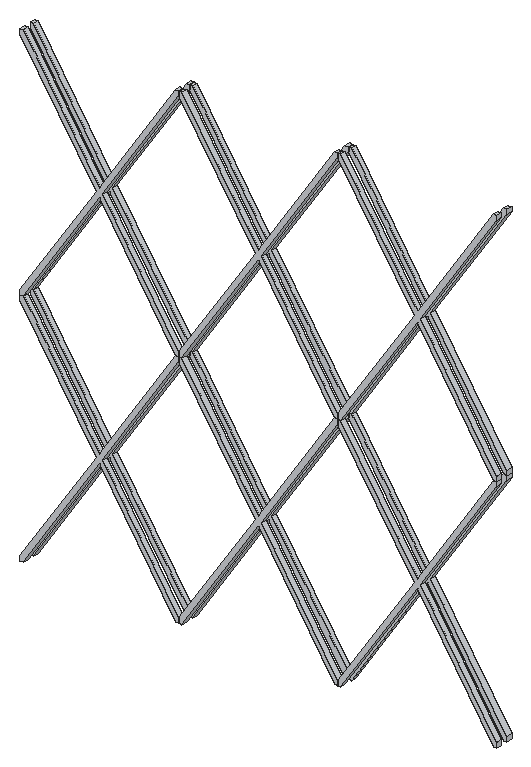
Revit family "M_Padrão do montante_diamante_2x3", category Modelos genéricos, Revit 2019
Family settings
  Pode hospedar o vergalhão = Não
  Cota do conector redondo = Utilizar diâmetro
  Tipo de parte = Normal
  Com base no plano de trabalho = Não
  Sempre na vertical = Sim
  Corte com vazios quando carregada = Não
  Compartilhado = Sim
  Ponto de cálculo do ambiente = Não
Parameters
  Largura [instance] = 1200 mm
  Espessura = 12.7 mm
  Altura [instance] = 1200 mm
  Material interior [instance] = none
  Material externo [instance] = none
  Distância = 19.05 mm
Reference planes
  plane 1 "Centro (Frente/Trás)": y = 0
  plane 2: z = 0
  plane 3 "Centro (Esquerda/Direita)": x = 0
  plane 4: z = 1200
  plane 5: x = -600
  plane 6: x = 600
  plane 7: z = 600
  plane 8: x = 200
  plane 9: x = -200
Dimensions and locks
  equal spacing: plane 6, plane 3 "Centro (Esquerda/Direita)", plane 5
  "Largura": plane 6 to plane 5
  "Altura": plane 4 to plane 2
  equal spacing: plane 4, plane 7, plane 2
  equal spacing: plane 6, plane 8, plane 9, plane 5
  aligned and locked: plane 2 to level
  aligned and locked: plane 1 "Centro (Frente/Trás)" to nested 1
  aligned and locked: plane 1 "Centro (Frente/Trás)" to nested 2
  aligned and locked: plane 1 "Centro (Frente/Trás)" to nested 3
  aligned and locked: plane 1 "Centro (Frente/Trás)" to nested 4
  aligned and locked: plane 1 "Centro (Frente/Trás)" to nested 5
  aligned and locked: plane 1 "Centro (Frente/Trás)" to nested 6
  aligned and locked: plane 4 to nested 6
  aligned and locked: plane 4 to nested 4
  aligned and locked: plane 4 to nested 2
  aligned and locked: plane 7 to nested 6
  aligned and locked: plane 7 to nested 4
  aligned and locked: plane 7 to nested 2
  aligned and locked: plane 2 to nested 1
  aligned and locked: plane 2 to nested 5
  aligned and locked: plane 2 to nested 3
  aligned and locked: plane 7 to nested 1
  aligned and locked: plane 7 to nested 5
  aligned and locked: plane 7 to nested 3
  aligned and locked: plane 5 to nested 6
  aligned and locked: plane 5 to nested 1
  aligned and locked: plane 9 to nested 1
  aligned and locked: plane 9 to nested 6
  aligned and locked: plane 8 to nested 4
  aligned and locked: plane 8 to nested 5
  aligned and locked: plane 8 to nested 3
  aligned and locked: plane 8 to nested 2
  aligned and locked: plane 6 to nested 3
  aligned and locked: plane 6 to nested 2
  aligned and locked: plane 9 to nested 5
  aligned and locked: plane 9 to nested 4
Nested families
  nested 1: "M_Padrão do montante_diamante" at (-400, 0, 0), Material externo <- "Material externo", Material interior <- "Material interior", type "M_Padrão do montante_diamante"
    with W 400 mm, Material interior none, H 600 mm, Material externo none
  nested 2: "M_Padrão do montante_diamante" at (400, 0, 600), Material externo <- "Material externo", Material interior <- "Material interior", type "M_Padrão do montante_diamante"
    with W 400 mm, Material interior none, H 600 mm, Material externo none
  nested 3: "M_Padrão do montante_diamante" at (400, 0, 0), Material externo <- "Material externo", Material interior <- "Material interior", type "M_Padrão do montante_diamante"
    with W 400 mm, Material interior none, H 600 mm, Material externo none
  nested 4: "M_Padrão do montante_diamante" at (0, 0, 600), Material externo <- "Material externo", Material interior <- "Material interior", type "M_Padrão do montante_diamante"
    with W 400 mm, Material interior none, H 600 mm, Material externo none
  nested 5: "M_Padrão do montante_diamante" at (0, 0, 0), Material externo <- "Material externo", Material interior <- "Material interior", type "M_Padrão do montante_diamante"
    with W 400 mm, Material interior none, H 600 mm, Material externo none
  nested 6: "M_Padrão do montante_diamante" at (-400, 0, 600), Material externo <- "Material externo", Material interior <- "Material interior", type "M_Padrão do montante_diamante"
    with W 400 mm, Material interior none, H 600 mm, Material externo none
Definition of nested family "M_Padrão do montante_diamante"
  Parameters (values of type "M_Padrão do montante_diamante")
    W [instance] = 1200 mm
    Espessura = 12.7 mm
    H [instance] = 1200 mm
    Material interior [instance] = none
    Distância = 19.05 mm
    Material externo [instance] = none
  Reference planes
    plane 1 "Centro (Frente/Trás)": y = 0
    plane 2: z = 0
    plane 3 "Centro (Esquerda/Direita)": x = 0
    plane 4: z = 1200
    plane 5: x = -600
    plane 6: x = 600
    plane 7: z = 600
    plane 8: y = 9.525
    plane 9: y = -9.525
    plane 10: y = 22.225
    plane 11: y = -22.225
  Forms (mm)
    Extrusion 1, solid, material <- "Material externo", detail levels fine
      sketch origin (-600, 0, 1200) x (0.707107, 0, -0.707107) y (0.707107, 0, 0.707107)
        loop
          line (0, 6.35) -> (0, -6.35) -> (1697.056, -6.35) -> (1697.056, 6.35) -> (0, 6.35)
      from -22.225 to -9.525
    Extrusion 2, solid, material <- "Material externo", detail levels fine
      sketch origin (600, 0, 1200) x (-0.707107, 0, -0.707107) y (0.707107, 0, -0.707107)
        loop
          line (1697.056, 6.35) -> (0, 6.35) -> (0, -6.35) -> (1697.056, -6.35) -> (1697.056, 6.35)
      from -22.225 to -9.525
    Extrusion 3, void
      sketch origin (0, 0, 0) x (1, 0, 0) y (0, 0, 1)
        loop
          line (-600, 1200) -> (-600, 0) -> (600, 0) -> (600, 1200) -> (-600, 1200)
        loop
          line (-612.7, 1212.7) -> (-612.7, -12.7) -> (612.7, -12.7) -> (612.7, 1212.7) -> (-612.7, 1212.7)
      from -22.225 to 22.225
    Extrusion 4, solid, material <- "Material interior", detail levels fine
      sketch origin (-600, 0, 1200) x (0.707107, 0, -0.707107) y (0.707107, 0, 0.707107)
        loop
          line (0, 6.35) -> (0, -6.35) -> (1697.056, -6.35) -> (1697.056, 6.35) -> (0, 6.35)
      from 9.525 to 22.225
    Extrusion 5, solid, material <- "Material interior", detail levels fine
      sketch origin (600, 0, 1200) x (-0.707107, 0, -0.707107) y (0.707107, 0, -0.707107)
        loop
          line (0, -6.35) -> (1697.056, -6.35) -> (1697.056, 6.35) -> (0, 6.35) -> (0, -6.35)
      from 9.525 to 22.225
  Cuts and joins
    Extrusion 3 cuts Extrusion 1
    Extrusion 3 cuts Extrusion 2
    joined: Extrusion 1, Extrusion 2
    Extrusion 3 cuts Extrusion 4
    Extrusion 3 cuts Extrusion 5
    joined: Extrusion 4, Extrusion 5
  Lines and regions (mm)
    reference lines
      curve 1: line (-600, 0, 1200) -> (600, 0, 0)
      curve 2: line (600, 0, 1200) -> (-600, 0, 0)
      curve 3: line (-600, 0, 1200) -> (-447.336, 0, 1352.664)
      curve 4: line (600, 0, 0) -> (793.076, 0, 193.076)
      curve 5: line (-529.006, 0, 1120.026) -> (416.643, 0, 174.377)
      curve 6: line (-520.026, 0, 1129.006) -> (425.623, 0, 183.357)
      curve 7: line (600, 0, 1200) -> (469.786, 0, 1330.214)
      curve 8: line (-600, 0, 0) -> (-707.763, 0, 107.763)
      curve 9: line (-595.51, 0, -4.49) -> (557.214, 0, 1148.233)
      curve 10: line (-604.49, 0, 4.49) -> (548.233, 0, 1157.214)
    model lines, detail levels medium
      curve 11: line (600, 9.525, 0) -> (-600, 9.525, 1200)
      curve 12: line (600, 9.525, 1200) -> (-600, 9.525, 0)
      curve 13: line (600, -9.525, 0) -> (-600, -9.525, 1200)
      curve 14: line (600, -9.525, 1200) -> (-600, -9.525, 0)
  Dimensions and locks
    equal spacing: plane 6, plane 3 "Centro (Esquerda/Direita)", plane 5
    "W": plane 6 to plane 5
    "H": plane 4 to plane 2
    equal spacing: plane 4, plane 7, plane 2
    equal spacing: curve 5, curve 1, curve 6
    "Espessura": curve 5 to curve 6
    equal spacing: curve 9, curve 2, curve 10
    "Espessura": curve 9 to curve 10
    "Espessura": Extrusion 3 sketch curve to plane 6
    "Espessura": plane 2 to Extrusion 3 sketch curve
    "Espessura": plane 5 to Extrusion 3 sketch curve
    "Espessura": Extrusion 3 sketch curve to plane 4
    "Distância": plane 8 to plane 9
    equal spacing: plane 8, plane 1 "Centro (Frente/Trás)", plane 9
    "Espessura": plane 10 to plane 8
    "Espessura": plane 9 to plane 11
    locked: curve 1 to curve 3 (angle 90.00°)
    locked: curve 4 to curve 1 (angle 90.00°)
    locked: curve 7 to curve 2 (angle 90.00°)
    locked: curve 2 to curve 8 (angle 90.00°)
    aligned and locked: plane 2 to level
    aligned and locked: plane 4 to curve 1
    aligned and locked: plane 5 to curve 1
    aligned and locked: plane 2 to curve 2
    aligned and locked: plane 5 to curve 2
    aligned and locked: plane 6 to curve 1
    aligned and locked: plane 2 to curve 1
    aligned and locked: plane 6 to curve 2
    aligned and locked: plane 4 to curve 2
    aligned and locked: plane 4 to curve 3
    aligned and locked: plane 5 to curve 3
    aligned and locked: plane 6 to curve 4
    aligned and locked: plane 2 to curve 4
    aligned and locked: Extrusion 1 sketch curve to curve 5
    aligned and locked: Extrusion 1 sketch curve to curve 3
    aligned and locked: Extrusion 1 sketch curve to curve 6
    aligned and locked: curve 6 to Extrusion 1 sketch curve
    aligned and locked: curve 5 to Extrusion 1 sketch curve
    aligned and locked: Extrusion 1 sketch curve to curve 4
    aligned and locked: curve 4 to Extrusion 1 sketch curve
    aligned and locked: plane 5 to curve 8
    aligned and locked: plane 2 to curve 8
    aligned and locked: plane 6 to curve 7
    aligned and locked: plane 4 to curve 7
    aligned and locked: Extrusion 2 sketch curve to curve 10  (x2)
    aligned and locked: Extrusion 2 sketch curve to curve 8  (x2)
    aligned and locked: curve 9 to Extrusion 2 sketch curve  (x2)
    aligned and locked: curve 7 to Extrusion 2 sketch curve
    aligned and locked: plane 5 to Extrusion 3 sketch curve
    aligned and locked: Extrusion 3 sketch curve to plane 4
    aligned and locked: Extrusion 3 sketch curve to plane 6
    aligned and locked: plane 2 to Extrusion 3 sketch curve
    aligned and locked: plane 10 to cut or joined group of Extrusion 1, Extrusion 2, Extrusion 3  (x2)
    aligned and locked: cut or joined group of Extrusion 1, Extrusion 2, Extrusion 3 to plane 8  (x2)
    aligned and locked: plane 10 to Extrusion 3
    aligned and locked: Extrusion 3 to plane 11
    aligned and locked: curve 3 to Extrusion 4 sketch curve
    aligned and locked: Extrusion 4 sketch curve to curve 3
    aligned and locked: Extrusion 4 sketch curve to curve 6
    aligned and locked: Extrusion 4 sketch curve to curve 5
    aligned and locked: Extrusion 4 sketch curve to curve 4
    aligned and locked: curve 6 to Extrusion 4 sketch curve
    aligned and locked: curve 5 to Extrusion 4 sketch curve
    aligned and locked: Extrusion 5 sketch curve to curve 9
    aligned and locked: Extrusion 5 sketch curve to curve 10
    aligned and locked: Extrusion 5 sketch curve to curve 7  (x2)
    aligned and locked: Extrusion 5 sketch curve to curve 8  (x2)
    aligned and locked: curve 9 to Extrusion 5 sketch curve
    aligned and locked: curve 10 to Extrusion 5 sketch curve
    aligned and locked: Extrusion 4 to plane 11
    aligned and locked: Extrusion 5 to plane 11
    aligned and locked: plane 9 to Extrusion 4
    aligned and locked: plane 9 to Extrusion 5
    aligned and locked: plane 2 to curve 11
    aligned and locked: plane 6 to curve 11
    aligned and locked: plane 5 to curve 11
    aligned and locked: plane 4 to curve 11
    aligned and locked: plane 5 to curve 12
    aligned and locked: plane 2 to curve 12
    aligned and locked: plane 4 to curve 12
    aligned and locked: plane 6 to curve 12
    aligned and locked: plane 2 to curve 13
    aligned and locked: plane 6 to curve 13
    aligned and locked: plane 4 to curve 14
    aligned and locked: plane 6 to curve 14
    aligned and locked: plane 4 to curve 13
    aligned and locked: plane 5 to curve 13
    aligned and locked: plane 2 to curve 14
    aligned and locked: plane 5 to curve 14
  Automatic sketch dimensions
    curve 1 to curve 6 = 106.751 mm
    curve 1 to curve 5 = 106.751 mm
    curve 5 to curve 1 = 252.956 mm
    curve 6 to curve 5 = 0 mm
    curve 2 to curve 9 = 0 mm
    curve 2 to curve 9 = 66.859 mm
    curve 2 to curve 10 = 66.859 mm
